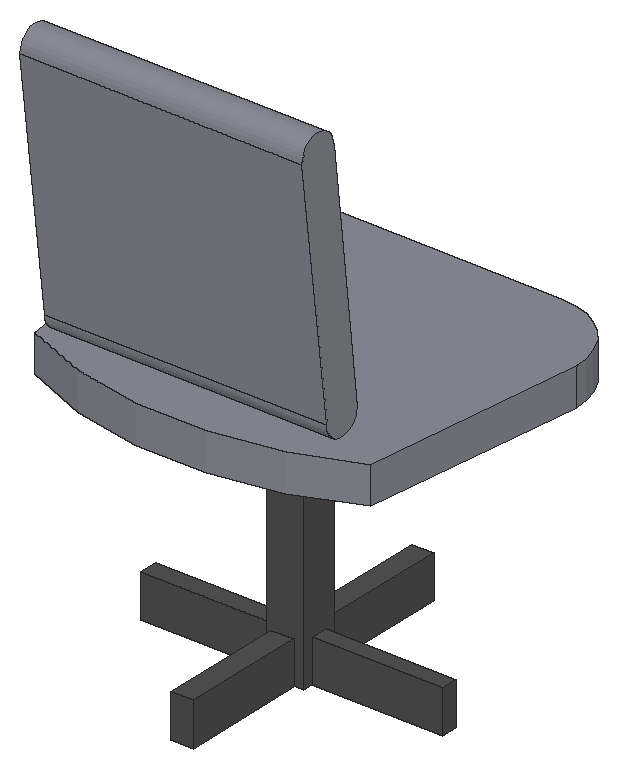
Revit family
Parameters (values of type "Desk Chair")
  Material Seat = Textile - Slate Blue
  Material Frame = Metal - Chrome
  Keynote = "N"
  Assembly Code = ""
Reference planes
  plane 1: y = 0
  plane 2: z = 0
  plane 3: x = 0
  plane 4: z = 355.6
  plane 5: z = 406.4
  plane 6: z = 762
  plane 7: y = 302.446
Forms (mm)
  Extrusion 1, solid, material "Textile - Slate Blue" <- "Material Seat"
    sketch origin (0, 0, 0) x (1, 0, 0) y (0, 1, 0)
      loop
        arc (-228.6, 0) -> (0, -55.074) -> (228.6, 0) r 501.968
        line (228.6, 0) -> (266.207, 302.446)
        arc (266.207, 302.446) -> (235.759, 375.953) -> (162.253, 406.4) r 103.954
        line (162.253, 406.4) -> (-152.4, 406.4)
        arc (-152.4, 406.4) -> (-230.848, 377.942) -> (-266.406, 302.446) r 109.4
        line (-266.406, 302.446) -> (-228.6, 0)
    from 355.6 to 406.4
  Extrusion 2, solid, material "Textile - Slate Blue" <- "Material Seat"
    sketch origin (0, 0, 0) x (0, 1, 0) y (0, 0, 1)
      loop
        line (25.552, 451.388) -> (-13.632, 787.4)
        arc (-13.632, 787.4) -> (-40.421, 814.188) -> (-67.209, 787.4) r 26.788
        line (-67.209, 787.4) -> (-25.4, 451.388)
        arc (-25.4, 451.388) -> (0.076, 425.912) -> (25.552, 451.388) r 25.476
    from -194.364 to 188.912
  Extrusion 3, solid, material "Metal - Chrome" <- "Material Frame"
    sketch origin (0, 0, 0) x (1, 0, 0) y (0, 1, 0)
      loop
        line (-24.476, 190.269) -> (-24.476, 139.469) -> (26.324, 139.469) -> (26.324, 190.269) -> (-24.476, 190.269)
    from 0 to 355.6
  Extrusion 4, solid, material "Metal - Chrome" <- "Material Frame"
    sketch origin (0, 0, 0) x (1, 0, 0) y (0, 1, 0)
      loop
        line (-25.862, 175.029) -> (-203.662, 175.029) -> (-203.662, 150.046) -> (-25.862, 150.046) -> (-25.862, 175.029)
      loop
        line (26.785, 175.029) -> (26.785, 152.4) -> (204.124, 152.4) -> (204.124, 175.029) -> (26.785, 175.029)
      loop
        line (14.316, 188.884) -> (14.316, 374.952) -> (-16.164, 374.952) -> (-16.164, 188.884) -> (14.316, 188.884)
      loop
        line (-16.164, 136.236) -> (-16.164, -33.251) -> (14.316, -33.251) -> (14.316, 136.236) -> (-16.164, 136.236)
    from 0 to 58.504
Lines and regions (mm)
  Masking region 1
    outline origin (0, 0, 0) x (1, 0, 0) y (0, 1, 0)
      loop
        arc (-152.4, 406.4) -> (-230.848, 377.942) -> (-266.406, 302.446) r 109.4
        line (-266.406, 302.446) -> (-228.6, 0)
        arc (-228.6, 0) -> (0, -55.074) -> (228.6, 0) r 501.968
        line (228.6, 0) -> (266.207, 302.446)
        arc (266.207, 302.446) -> (235.759, 375.953) -> (162.253, 406.4) r 103.954
        line (162.253, 406.4) -> (-152.4, 406.4)
  symbolic lines
    curve 1: line (-228.6, 0, 0) -> (-266.406, 302.446, 0)
    curve 2: line (228.158, -0.226, 0) -> (265.793, 302.446, 0)
    curve 3: line (-163.571, 405.281, 0) -> (162.959, 405.281, 0)
    curve 4: arc (-266.406, 302.446, 0) -> (-236.286, 375.161, 0) -> (-163.571, 405.281, 0) r 102.835
    curve 5: arc (265.793, 302.446, 0) -> (235.674, 375.161, 0) -> (162.959, 405.281, 0) r 102.835
    curve 6: arc (-228.6, 0, 0) -> (0, -55.074, 0) -> (228.6, 0, 0) r 501.968
    curve 7: arc (-205.83, 44.514, 0) -> (0, -5.074, 0) -> (205.83, 44.514, 0) r 451.968
    curve 8: arc (205.83, 44.514, 0) -> (223.133, 25.285, 0) -> (228.6, 0, 0) r 50.332
    curve 9: arc (-228.6, 0, 0) -> (-222.618, 25.021, 0) -> (-205.83, 44.514, 0) r 54.522
Dimensions and locks
  plane 6 to plane 5 to plane 4 to plane 2 = 355.60 mm, 50.80 mm, 355.60 mm
  Extrusion 4 sketch curve to plane 3 to Extrusion 4 sketch curve = 14.316 mm, 16.164 mm
  equal spacing: Extrusion 4 sketch curve, plane 3, Extrusion 4 sketch curve
  aligned and locked: plane 4 to Extrusion 1
  aligned and locked: Extrusion 1 to plane 5
  aligned and locked: Extrusion 3 to level
  aligned and locked: Extrusion 3 to plane 4
  aligned and locked: Extrusion 4 to level
  aligned and locked: curve 6 to Extrusion 1
  aligned: Masking region 1 sketch curve to Extrusion 1  (x6)
